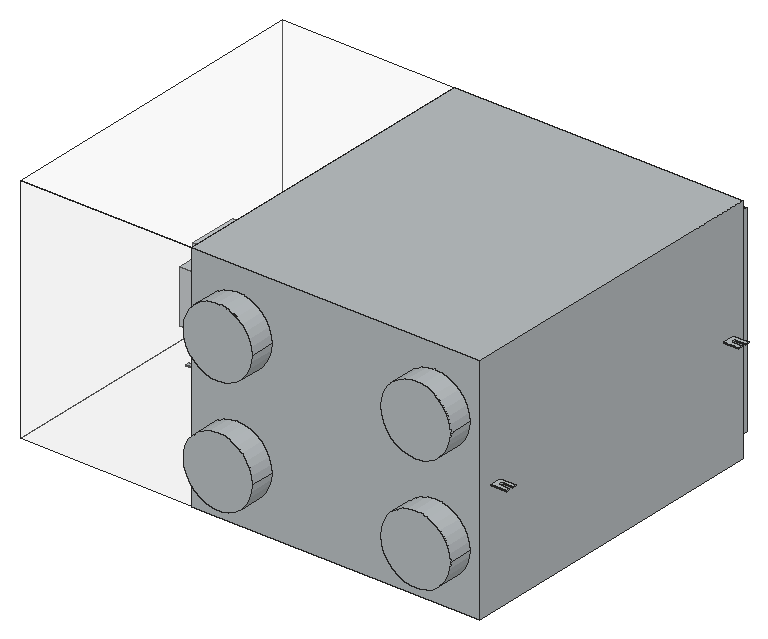
Revit family "lgh-n150_200rxv2d-c_50Hz", category 機械設備, Revit 2019
Family settings
  丸型コネクタ寸法 = 直径を使用
  パーツ タイプ = 標準
  OmniClass 番号 = 23.75.10.34.21
  OmniClass タイトル = Heat Exchangers for Ventilation Air
  作業面ベース = いいえ
  常に垂直 = はい
  ロード時にボイドで切り取り = いいえ
  共有 = いいえ
  部屋計算ポイント = はい
Parameters (values of type "LGH-N150RXV2D-C")
  騒音レベル(dB(A)) = 38.5
  風量 = 1500.0 m³/h
  面風速 = 8.5 m/s
  電源種別 [instance] = "一般"
  電圧 = 200 V
  電動機出力 = 0 W
  集中コントローラ = ""
  運転質量 = 0.00 kg
  連動 [instance] = ""
  質量 = if(製品質量 > 運転質量, 製品質量, 運転質量) * 1.2  # 128.40 kg
  負荷分類 = 3_ファン類
  説明 = "業務用ロスナイ 天井埋込形 DCマイコン CO2センサー付"
  設計風量 = 0.0 m³/h
  設置方法 = "天井吊(隠ぺい)形"
  記号 [instance] = ""
  製造元 = "三菱電機株式会社"
  製品質量 = 107.00 kg
  製品出荷対象 = "国内"
  製品リリース年月 = "2023/5/15"
  製品グループ = ""
  系統 [instance] = ""
  符号 = "HEU"
  積算_科目 = "1 空気調和設備"
  積算_拾い区分 [instance] = ""
  相 = 1
  盤記号 [instance] = ""
  発停方法 [instance] = ""
  特殊仕様 [instance] = ""
  点検口高さ = -Height  # -808 mm
  点検口離隔 = 150 mm
  点検口_Depth = 450 mm
  点検口 = yes
  火災停止 [instance] = ""
  温度交換効率 = 74.00%
  消費電力 = 900 W
  法定耐用年数 = "15"
  機外静圧_排気 = 275.0 Pa
  機外静圧 = 275.0 Pa
  極数 = 3
  材質 [instance] = ""
  本体マテリアル = 溶融亜鉛めっき鋼板
  操作・制御方式 = ""
  操作・制御スイッチ = ""
  排気量 = 0.0 m³/h
  形式 = "天井埋込ダクト形"
  幹線記号 [instance] = ""
  対象室 [instance] = ""
  実風量 = 0.0 m³/h
  始動方式 [instance] = "直入"
  天吊金具_径 = 15 mm
  天吊金具_幅 = 30 mm
  外気量 = 0.0 m³/h
  呼称 = "全熱交換ユニット"
  周波数 = 50 Hz
  天吊金具ピッチ2 = 1015 mm
  天吊金具ピッチ1 = 1057 mm
  天吊金具_高さ = 404 mm
  参照している仕様書等のバージョン = ""
  初期抵抗 = 0.0 Pa
  分類コード = "50052504100070"
  分類グループ = ""
  価格 = 1755000
  企業コード = "108420"
  付属品_フィルター_還気 = ""
  付属品_フィルター = ""
  付属品 [instance] = ""
  仕様書バージョン = "Version1.0"
  モデル = "LGH-N150RXV2D-C"
  メンテナンススペース = yes
  ダクト高 = 700 mm
  ダクト径 = 250 mm
  ダクト幅 = 270 mm
  コメント [instance] = ""
  Keynote = ""
  エンタルピ交換効率_暖房 = 76.00%
  エンタルピ交換効率_冷房 = 66.00%
  Assembly Code = ""
  Width = 1004 mm
  Version = ""
  Uniclass2015Version = "Systems v1.9"
  Uniclass2015Title = "Thermal wheels"
  Uniclass2015Code = "Pr_60_60_36_88"
  URL = "https://www.mitsubishielectric.co.jp/ldg/wink/qr/002/324425/"
  SpecificationReference = ""
  SpecificationDescription = ""
  Sensor_Width = 184 mm
  Sensor_D = 176 mm
  Sensor_Height = 183 mm
  Sensor_H = 201 mm
  Sensor_Depth = 115 mm
  SMAX風量 = 1500.0 m³/h
  SMAX静圧 = 275.0 Pa
  SAサイズ_D = 242 mm
  Revision = ""
  RAサイズ_D = 242 mm
  ProductInformation = ""
  OmniClassCode = "23-27 23 19 11"
  OAサイズ_W = 270 mm
  OAサイズ_D = 700 mm
  MIN風量 = 660.0 m³/h
  MIN静圧 = 47.0 Pa
  MID風量 = 1080.0 m³/h
  MID静圧 = 127.0 Pa
  MAX風量 = 1500.0 m³/h
  MAX静圧 = 245.0 Pa
  IfcTypeProduct = ""
  IfcProduct = ""
  IfcExportType = "ROTARYWHEEL"
  IfcExportAs = "IfcAirToAirHeatRecoveryType"
  Height = 808 mm
  EAサイズ_W = 270 mm
  EAサイズ_D = 700 mm
  Duct_Pitch = 690 mm
  Duct_Height = 202 mm
  Duct_Depth_SA_RA = 84 mm
  Duct_Depth_OA_EA = 49 mm
  Depth = 1144 mm
  Clearance Top = 0 mm
  Clearance Left = 600 mm
  Clearance Bottom = 0 mm
  Box_Width = 115 mm
  Box_Height = 669 mm
  Box_H = 88 mm
  Box_Depth = 175 mm
  Box_D = 145 mm
  Author = "三菱電機株式会社"
Types (2, lengths in mm): name | 騒音レベル(dB(A)) | 風量 | 面風速 | 質量 | 製品質量 | 温度交換効率 | 消費電力 | 機外静圧_排気 | 機外静圧 | 天吊金具ピッチ1 | 価格 | モデル | エンタルピ交換効率_暖房 | エンタルピ交換効率_冷房 | Width | URL | SMAX風量 | SMAX静圧 | MIN風量 | MIN静圧 | MID風量 | MID静圧 | MAX風量 | MAX静圧 | Duct_Pitch
  LGH-N150RXV2D-C | 38.5 | 1500.0 m³/h | 8.5 m/s | 128.40 kg | 107.00 kg | 74.00% | 900 W | 275.0 Pa | 275.0 Pa | 1057 | 1755000 | "LGH-N150RXV2D-C" | 76.00% | 66.00% | 1004 | "https://www.mitsubishielectric.co.jp/ldg/wink/qr/002/324425/" | 1500.0 m³/h | 275.0 Pa | 660.0 m³/h | 47.0 Pa | 1080.0 m³/h | 127.0 Pa | 1500.0 m³/h | 245.0 Pa | 690
  LGH-N200RXV2D-C | 41 | 2000.0 m³/h | 11.3 m/s | 140.40 kg | 117.00 kg | 73.00% | 1160 W | 225.0 Pa | 225.0 Pa | 1284 | 1951000 | "LGH-N200RXV2D-C" | 75.00% | 65.00% | 1231 | "https://www.mitsubishielectric.co.jp/ldg/wink/qr/002/324427/" | 2000.0 m³/h | 225.0 Pa | 880.0 m³/h | 32.0 Pa | 1440.0 m³/h | 86.0 Pa | 2000.0 m³/h | 165.0 Pa | 917
Reference planes
  plane 1 "中心(正面/背面)": y = 0
  plane 2: z = 0
  plane 3 "中心(左/右)": x = 0
  plane 4: x = -502
  plane 5: x = 502
  plane 6: y = 572
  plane 7: y = -572
  plane 8: z = -808
  plane 9: z = -202
  plane 10: x = -345
  plane 11: x = 345
  plane 12: y = -656
  plane 13: y = 621
  plane 14: x = -586
  plane 15: x = 586
  plane 16: x = -1102
  plane 17: y = -427
  plane 18: y = -252
  plane 19: z = -88
  plane 20: z = -757
  plane 21: x = -617
  plane 22: x = -652
  plane 23: y = 225
  plane 24: x = -528.5
  plane 25: x = 528.5
  plane 26: y = 507.5
  plane 27: y = -507.5
  plane 28: y = -225
  plane 29: x = -558.5
  plane 30: y = 527.5
  plane 31: y = 487.5
  plane 32: y = -487.5
  plane 33: y = -527.5
  plane 34: z = -5
  plane 35: z = -404
  plane 36: z = -407
  plane 37: x = 558.5
  plane 38: z = -404
  plane 39: x = 480
  plane 40: x = 210
  plane 41: x = -480
  plane 42: x = -210
  plane 43: z = -54
  plane 44: z = -754
  plane 45: z = -54
  plane 46: z = -754
  plane 47: z = -606
  plane 48: y = -396
  plane 49: y = -281
  plane 50: z = -201
  plane 51: z = -384
  plane 52: x = -686
  plane 53: z = 0
  plane 54: z = -808
Forms (mm)
  Extrusion 1, solid, material "溶融亜鉛めっき鋼板" <- "本体マテリアル", detail levels fine
    sketch origin (0, 0, 0) x (1, 0, 0) y (0, 1, 0)
      loop
        line (-502, 572) -> (-502, -572) -> (502, -572) -> (502, 572) -> (-502, 572)
    from 0 to -808
  Extrusion 2, solid, material "溶融亜鉛めっき鋼板" <- "本体マテリアル", detail levels fine
    sketch origin (502, -572, 0) x (-1, 0, 0) y (0, 0, -1)
      loop
        circle (847, 202) r 121
    from 0 to 84
  Extrusion 3, solid, material "溶融亜鉛めっき鋼板" <- "本体マテリアル", detail levels fine
    sketch origin (510, -445, 0) x (-1, 0, 0) y (0, 0, -1)
      loop
        circle (165, 202) r 121
    from 127 to 211
  Extrusion 4, solid, material "溶融亜鉛めっき鋼板" <- "本体マテリアル", detail levels fine
    sketch origin (-502, -572, 0) x (0, 1, 0) y (0, 0, -1)
      loop
        line (320, 88) -> (320, 757) -> (145, 757) -> (145, 88) -> (320, 88)
    from 0 to 115
  Extrusion 5, solid, material "溶融亜鉛めっき鋼板" <- "本体マテリアル", detail levels fine
    sketch origin (0, 0, 0) x (1, 0, 0) y (0, 1, 0)
      loop
        line (-558.5, 527.5) -> (-558.5, 515) -> (-528.5, 515)
        arc (-528.5, 515) -> (-521, 507.5) -> (-528.5, 500) r 7.5
        line (-528.5, 500) -> (-558.5, 500) -> (-558.5, 487.5) -> (-502, 487.5) -> (-502, 527.5) -> (-558.5, 527.5)
    from -404 to -407
  Extrusion 6, solid, material "溶融亜鉛めっき鋼板" <- "本体マテリアル", detail levels fine
    sketch origin (0, 0, 0) x (1, 0, 0) y (0, 1, 0)
      loop
        line (-558.5, -527.5) -> (-502, -527.5) -> (-502, -487.5) -> (-558.5, -487.5) -> (-558.5, -500) -> (-528.5, -500)
        arc (-528.5, -500) -> (-521, -507.5) -> (-528.5, -515) r 7.5
        line (-528.5, -515) -> (-558.5, -515) -> (-558.5, -527.5)
    from -404 to -407
  Extrusion 7, solid, material "溶融亜鉛めっき鋼板" <- "本体マテリアル", detail levels fine
    sketch origin (0, 0, 0) x (-1, 0, 0) y (0, -1, 0)
      loop
        line (-558.5, 527.5) -> (-558.5, 515) -> (-528.5, 515)
        arc (-528.5, 515) -> (-521, 507.5) -> (-528.5, 500) r 7.5
        line (-528.5, 500) -> (-558.5, 500) -> (-558.5, 487.5) -> (-502, 487.5) -> (-502, 527.5) -> (-558.5, 527.5)
    from -404 to -407
  Extrusion 8, solid, material "溶融亜鉛めっき鋼板" <- "本体マテリアル", detail levels fine
    sketch origin (0, 0, 0) x (-1, 0, 0) y (0, -1, 0)
      loop
        line (-558.5, -527.5) -> (-502, -527.5) -> (-502, -487.5) -> (-558.5, -487.5) -> (-558.5, -500) -> (-528.5, -500)
        arc (-528.5, -500) -> (-521, -507.5) -> (-528.5, -515) r 7.5
        line (-528.5, -515) -> (-558.5, -515) -> (-558.5, -527.5)
    from -404 to -407
  Extrusion 9, solid, material "溶融亜鉛めっき鋼板" <- "本体マテリアル", detail levels fine
    sketch origin (0, 0, 0) x (1, 0, 0) y (0, 0, 1)
      loop
        circle (-345, -606) r 121
    from 572 to 656
  Extrusion 10, solid, material "溶融亜鉛めっき鋼板" <- "本体マテリアル", detail levels fine
    sketch origin (0, 0, 0) x (1, 0, 0) y (0, 0, 1)
      loop
        circle (345, -606) r 121
    from 572 to 656
  Extrusion 11, solid, material "溶融亜鉛めっき鋼板" <- "本体マテリアル", detail levels fine
    sketch origin (0, 0, 0) x (1, 0, 0) y (0, 0, 1)
      loop
        line (480, -754) -> (480, -54) -> (210, -54) -> (210, -754) -> (480, -754)
    from -621 to -572
  Extrusion 12, solid, material "溶融亜鉛めっき鋼板" <- "本体マテリアル", detail levels fine
    sketch origin (0, 0, 0) x (1, 0, 0) y (0, 0, 1)
      loop
        line (-480, -754) -> (-210, -754) -> (-210, -54) -> (-480, -54) -> (-480, -754)
    from -621 to -572
  Extrusion 13, solid, material "溶融亜鉛めっき鋼板" <- "本体マテリアル", detail levels fine
    sketch origin (0, 0, 0) x (0, 1, 0) y (0, 0, 1)
      loop
        line (-281, -201) -> (-396, -201) -> (-396, -384) -> (-281, -384) -> (-281, -201)
    from -686 to -617
Lines and regions (mm)
  Masking region 1, detail levels coarse+medium
    outline origin (1326.5, 29, 0) x (1, 0, 0) y (0, 1, 0)
      loop
        line (-1828.5, 543) -> (-1828.5, -601) -> (-824.5, -601) -> (-824.5, 543) -> (-1828.5, 543)
  symbolic lines, detail levels coarse+medium
    curve 1: line (0, 572, 0) -> (-502, 0, 0)
    curve 2: line (-502, 0, 0) -> (0, -572, 0)
    curve 3: line (0, -572, 0) -> (502, 0, 0)
    curve 4: line (502, 0, 0) -> (0, 572, 0)
Dimensions and locks
  equal spacing: plane 4, plane 3 "中心(左/右)", plane 5
  "Width": plane 4 to plane 5
  equal spacing: plane 6, plane 1 "中心(正面/背面)", plane 7
  "Depth": plane 6 to plane 7
  "Height": level to plane 8
  "Duct_Height": level to plane 9
  equal spacing: plane 11, plane 3 "中心(左/右)", plane 10
  "Duct_Pitch": plane 11 to plane 10
  "Duct_Depth_OA_EA": plane 13 to plane 6
  "Duct_Depth_SA_RA": plane 7 to plane 12
  "Duct_Depth_SA_RA": plane 5 to plane 15
  "Duct_Depth_SA_RA": plane 14 to plane 4
  "Clearance Left": plane 16 to plane 4
  "Box_H": level to plane 19
  "Box_Height": plane 19 to plane 20
  "Box_D": plane 17 to plane 7
  "Box_Depth": plane 18 to plane 17
  "Box_Width": plane 21 to plane 4
  "点検口離隔": plane 22 to plane 4
  equal spacing: plane 24, plane 3 "中心(左/右)", plane 25
  "天吊金具ピッチ1": plane 24 to plane 25
  equal spacing: plane 26, plane 1 "中心(正面/背面)", plane 27
  "天吊金具ピッチ2": plane 26 to plane 27
  equal spacing: plane 23, plane 1 "中心(正面/背面)", plane 28
  "点検口_Depth": plane 23 to plane 28
  equal spacing: plane 30, plane 26, plane 31
  locked: plane 30 to plane 31 at 40
  "天吊金具_幅": plane 29 to plane 24
  "天吊金具_高さ": level to plane 35
  locked: plane 35 to plane 36 at 3
  equal spacing: plane 32, plane 27, plane 33
  locked: plane 32 to plane 33 at 40
  "天吊金具_幅": plane 25 to plane 37
  equal spacing: plane 8, plane 38, level
  equal spacing: plane 40, plane 11, plane 39
  "EAサイズ_W": plane 40 to plane 39
  equal spacing: plane 42, plane 10, plane 41
  "OAサイズ_W": plane 42 to plane 41
  equal spacing: plane 44, plane 38, plane 43
  "EAサイズ_D": plane 44 to plane 43
  "OAサイズ_D": plane 46 to plane 45
  equal spacing: plane 46, plane 38, plane 45
  "Duct_Height": plane 38 to plane 47
  "Sensor_D": plane 48 to plane 7
  "Sensor_Depth": plane 49 to plane 48
  "Sensor_H": level to plane 50
  "Sensor_Height": plane 50 to plane 51
  "Sensor_Width": plane 52 to plane 4
  "Clearance Bottom": plane 8 to plane 54
  "Clearance Top": plane 53 to level
  "RAサイズ_D": diameter of Extrusion 3 sketch curve
  "SAサイズ_D": diameter of Extrusion 9 sketch curve
  "RAサイズ_D": diameter of Extrusion 10 sketch curve
  "SAサイズ_D": diameter of Extrusion 2 sketch curve
  "天吊金具_径": diameter of Extrusion 6 sketch curve
  "天吊金具_径": diameter of Extrusion 5 sketch curve
  "天吊金具_径": diameter of Extrusion 8 sketch curve
  "天吊金具_径": diameter of Extrusion 7 sketch curve
  aligned and locked: level to plane 2
  aligned and locked: Extrusion 1 to plane 8
  aligned and locked: Extrusion 2 to plane 12
  aligned and locked: plane 7 to Extrusion 2
  aligned and locked: plane 7 to Extrusion 3
  aligned and locked: Extrusion 3 to plane 12
  aligned and locked: plane 16 to nested 1
  aligned and locked: plane 4 to nested 1
  aligned and locked: nested 1 to plane 6
  aligned and locked: nested 1 to plane 7
  aligned and locked: Extrusion 4 to plane 21
  aligned and locked: plane 4 to Extrusion 4
  aligned and locked: Masking region 1 to plane 4
  aligned and locked: plane 5 to Masking region 1
  aligned and locked: plane 6 to Masking region 1
  aligned and locked: Masking region 1 to plane 7
  aligned and locked: plane 25 to nested 2
  aligned and locked: plane 24 to nested 2
  aligned and locked: nested 2 to plane 27
  aligned and locked: plane 26 to nested 2
  aligned and locked: Extrusion 4 to plane 18
  aligned and locked: Extrusion 4 to plane 20
  aligned and locked: plane 19 to Extrusion 4
  aligned and locked: Extrusion 4 to plane 17
  aligned and locked: plane 22 to nested 3
  aligned and locked: plane 16 to nested 3
  aligned and locked: plane 23 to nested 3
  aligned and locked: nested 3 to plane 28
  aligned and locked: plane 29 to Extrusion 5 sketch curve  (x2)
  aligned and locked: Extrusion 5 sketch curve to plane 4
  aligned and locked: plane 31 to Extrusion 5 sketch curve
  aligned and locked: Extrusion 5 sketch curve to plane 30
  aligned and locked: Extrusion 5 to plane 35
  aligned and locked: Extrusion 5 to plane 36
  aligned and locked: Extrusion 6 sketch curve to plane 29  (x2)
  aligned and locked: plane 32 to Extrusion 6 sketch curve
  aligned and locked: Extrusion 6 sketch curve to plane 33
  aligned and locked: plane 4 to Extrusion 6 sketch curve
  aligned and locked: plane 35 to Extrusion 6
  aligned and locked: Extrusion 6 to plane 36
  aligned and locked: plane 37 to Extrusion 7 sketch curve  (x2)
  aligned and locked: Extrusion 7 sketch curve to plane 32
  aligned and locked: plane 33 to Extrusion 7 sketch curve
  aligned and locked: plane 5 to Extrusion 7 sketch curve
  aligned and locked: Extrusion 7 to plane 36
  aligned and locked: plane 35 to Extrusion 7
  aligned and locked: Extrusion 8 sketch curve to plane 37  (x2)
  aligned and locked: Extrusion 8 sketch curve to plane 31
  aligned and locked: plane 30 to Extrusion 8 sketch curve
  aligned and locked: Extrusion 8 sketch curve to plane 5
  aligned and locked: plane 35 to Extrusion 8
  aligned and locked: Extrusion 8 to plane 36
  aligned and locked: Extrusion 9 to plane 12
  aligned and locked: plane 7 to Extrusion 9
  aligned and locked: Extrusion 10 to plane 12
  aligned and locked: plane 7 to Extrusion 10
  aligned and locked: plane 44 to Extrusion 11 sketch curve
  aligned and locked: plane 39 to Extrusion 11 sketch curve
  aligned and locked: Extrusion 11 sketch curve to plane 43
  aligned and locked: Extrusion 11 sketch curve to plane 40
  aligned and locked: Extrusion 12 sketch curve to plane 46
  aligned and locked: Extrusion 12 sketch curve to plane 41
  aligned and locked: plane 45 to Extrusion 12 sketch curve
  aligned and locked: plane 42 to Extrusion 12 sketch curve
  aligned and locked: plane 13 to Extrusion 12
  aligned and locked: Extrusion 12 to plane 6
  aligned and locked: plane 13 to Extrusion 11
  aligned and locked: Extrusion 11 to plane 6
  aligned and locked: plane 50 to Extrusion 13 sketch curve
  aligned and locked: Extrusion 13 sketch curve to plane 49
  aligned and locked: Extrusion 13 sketch curve to plane 51
  aligned and locked: plane 48 to Extrusion 13 sketch curve
  aligned and locked: Extrusion 13 to Extrusion 4
  aligned and locked: plane 52 to Extrusion 13
  aligned and locked: plane 53 to nested 1
  aligned and locked: plane 54 to nested 1
Automatic sketch dimensions
  plane 1 "中心(正面/背面)" to curve 1 = 0 mm
  curve 1 to plane 4 = 0 mm
  curve 2 to plane 3 "中心(左/右)" = 0 mm
  curve 4 to plane 3 "中心(左/右)" = 0 mm
  plane 1 "中心(正面/背面)" to curve 4 = 0 mm
  curve 4 to plane 5 = 0 mm
  curve 2 to plane 7 = 0 mm
  curve 4 to plane 6 = 0 mm
  Extrusion 1 sketch curve to plane 4 = 0 mm
  Extrusion 1 sketch curve to plane 5 = 0 mm
  Extrusion 1 sketch curve to plane 7 = 0 mm
  Extrusion 1 sketch curve to plane 6 = 0 mm
  Extrusion 3 sketch curve to plane 9 = 0 mm
  Extrusion 3 sketch curve to plane 11 = 0 mm
  Extrusion 4 sketch curve to Extrusion 1 = 145 mm
  Extrusion 1 to Extrusion 4 sketch curve = 51 mm
  Extrusion 4 sketch curve to Extrusion 4 sketch curve = 175 mm
  Extrusion 1 to Extrusion 4 sketch curve = 88 mm
  Masking region 1 sketch curve to plane 4 = 0 mm
  Masking region 1 sketch curve to plane 5 = 0 mm
  Masking region 1 sketch curve to plane 7 = 0 mm
  Masking region 1 sketch curve to plane 6 = 0 mm
  Extrusion 9 sketch curve to plane 10 = 0 mm
  Extrusion 9 sketch curve to plane 47 = 0 mm
  Extrusion 10 sketch curve to plane 11 = 0 mm
  Extrusion 10 sketch curve to plane 47 = 0 mm
  Extrusion 1 to Extrusion 2 sketch curve = 157 mm
  Extrusion 1 to Extrusion 2 sketch curve = 202 mm
  Extrusion 5 sketch curve to plane 24 = 0 mm
  Extrusion 5 sketch curve to plane 26 = 0 mm
  Extrusion 6 sketch curve to plane 24 = 0 mm
  Extrusion 6 sketch curve to plane 27 = 0 mm
  Extrusion 7 sketch curve to plane 25 = 0 mm
  Extrusion 7 sketch curve to plane 27 = 0 mm
  Extrusion 8 sketch curve to plane 25 = 0 mm
  Extrusion 8 sketch curve to plane 26 = 0 mm
Nested families
  nested 1: "メンテナンススペース" at (-802, 0, -404), visible <- "メンテナンススペース", type "メンテナンススペース"
    with Width 600 mm, Height 808 mm, Depth 1144 mm
  nested 2: "固定点" at (-528.5, -507.5, 0), type "固定点"
    with W 1057 mm, D 1015 mm
  nested 3: "点検口設置範囲" at (-877, 0, -808), built-in parameter 1001364 <- "点検口高さ", visible <- "点検口", type "点検口設置範囲"
    with Width 450 mm, Depth 450 mm
Connectors
  hvac at (-345, -656, -202), driven by "ダクト径", driven by "機外静圧", driven by "風量"
    settings: on Extrusion 2, index 1, duct flow 1500.0 m³/h, flow factor 0, pres drop 275.0 Pa, loss coef 0, conn angle 0.00°, conn width 304.8 mm, conn height 304.8 mm, conn diameter 250 mm, duct sys type 1, conn prof type 0, flow config 0, flow direction 2, loss method 4, conn ref index -1, conn util no, is conn primary yes, conn desc ""
  hvac at (345, -656, -202), driven by "ダクト径", driven by "機外静圧", driven by "風量"
    settings: on Extrusion 3, index 2, duct flow 1500.0 m³/h, flow factor 0, pres drop 275.0 Pa, loss coef 0, conn angle 0.00°, conn width 304.8 mm, conn height 304.8 mm, conn diameter 250 mm, duct sys type 2, conn prof type 0, flow config 0, flow direction 1, loss method 4, conn ref index -1, conn util no, is conn primary no, conn desc ""
  electrical at (-559.5, -427, -422.5), driven by "負荷分類", driven by "極数", driven by "電圧", driven by "消費電力"
    settings: on Extrusion 4, index 7, voltage 200 V, apparent load 900 VA, apparent load phase1 0 VA, apparent load phase2 0 VA, apparent load phase3 0 VA, power factor 1, load classification "3_ファン類", number of poles 3, system type 30, power factor state 1, is connector primary yes, connector utility no, sub classification motor no, connector description ""
  hvac at (-345, -656, -606), driven by "ダクト径", driven by "機外静圧", driven by "風量"
    settings: on Extrusion 9, index 8, duct flow 1500.0 m³/h, flow factor 0, pres drop 275.0 Pa, loss coef 0, conn angle 0.00°, conn width 304.8 mm, conn height 304.8 mm, conn diameter 250 mm, duct sys type 1, conn prof type 0, flow config 0, flow direction 2, loss method 4, conn ref index -1, conn util no, is conn primary no, conn desc ""
  hvac at (345, -656, -606), driven by "ダクト径", driven by "機外静圧", driven by "風量"
    settings: on Extrusion 10, index 9, duct flow 1500.0 m³/h, flow factor 0, pres drop 275.0 Pa, loss coef 0, conn angle 0.00°, conn width 304.8 mm, conn height 304.8 mm, conn diameter 250 mm, duct sys type 2, conn prof type 0, flow config 0, flow direction 1, loss method 4, conn ref index -1, conn util no, is conn primary no, conn desc ""
  hvac at (345, 621, -404), driven by "ダクト高", driven by "ダクト幅", driven by "機外静圧_排気", driven by "排気量"
    settings: on Extrusion 11, index 10, duct flow 0.0 m³/h, flow factor 0, pres drop 275.0 Pa, loss coef 0, conn angle 0.00°, conn width 270 mm, conn height 700 mm, conn diameter 609.6 mm, duct sys type 3, conn prof type 1, flow config 0, flow direction 2, loss method 4, conn ref index -1, conn util no, is conn primary no, conn desc ""
  hvac at (-345, 621, -404), driven by "ダクト幅", driven by "ダクト高", driven by "機外静圧", driven by "風量"
    settings: on Extrusion 12, index 11, duct flow 1500.0 m³/h, flow factor 0, pres drop 275.0 Pa, loss coef 0, conn angle 0.00°, conn width 270 mm, conn height 700 mm, conn diameter 609.6 mm, duct sys type 4, conn prof type 1, flow config 0, flow direction 1, loss method 4, conn ref index -1, conn util no, is conn primary no, conn desc ""
Definition of nested family "メンテナンススペース"
  Parameters (values of type "メンテナンススペース")
    Width [instance] = 500 mm
    Height [instance] = 500 mm
    Depth [instance] = 500 mm
  Reference planes
    plane 1 "中心(正面/背面)": y = 0
    plane 2: z = 0
    plane 3 "中心(左/右)": x = 0
    plane 4: y = -250
    plane 5: x = 250
    plane 6: y = 250
    plane 7: x = -250
    plane 8: z = 250
    plane 9: z = -250
  Forms (mm)
    Extrusion 1, solid
      sketch origin (-638.939, 0, 72.39) x (1, 0, 0) y (0, 1, 0)
        loop
          line (388.939, 250) -> (388.939, -250) -> (888.939, -250) -> (888.939, 250) -> (388.939, 250)
      from -322.39 to 177.61
  Lines and regions (mm)
    symbolic lines
      curve 1: line (-250, 0, 250) -> (250, 0, 250)
      curve 2: line (-250, 0, -250) -> (-250, 0, 250)
      curve 3: line (250, 0, -250) -> (-250, 0, -250)
      curve 4: line (250, 0, 250) -> (250, 0, -250)
      curve 5: line (0, -250, 250) -> (0, 250, 250)
      curve 6: line (0, -250, -250) -> (0, -250, 250)
      curve 7: line (0, 250, -250) -> (0, -250, -250)
      curve 8: line (0, 250, 250) -> (0, 250, -250)
      curve 9: line (-250, 250, 0) -> (250, 250, 0)
      curve 10: line (-250, -250, 0) -> (-250, 250, 0)
      curve 11: line (250, -250, 0) -> (-250, -250, 0)
      curve 12: line (250, 250, 0) -> (250, -250, 0)
  Dimensions and locks
    equal spacing: plane 7, plane 3 "中心(左/右)", plane 5
    equal spacing: plane 4, plane 1 "中心(正面/背面)", plane 6
    "Depth": plane 4 to plane 6
    "Width": plane 7 to plane 5
    equal spacing: plane 8, plane 2, plane 9
    "Height": plane 8 to plane 9
    aligned and locked: plane 9 to curve 3
    aligned and locked: plane 7 to curve 2
    aligned and locked: curve 4 to plane 5
    aligned and locked: plane 5 to Extrusion 1
    aligned and locked: Extrusion 1 to plane 7
    aligned and locked: Extrusion 1 to plane 9
    aligned and locked: plane 8 to Extrusion 1
    aligned and locked: plane 9 to curve 7
  Automatic sketch dimensions
    plane 4 to Extrusion 1 sketch curve = 0 mm
    Extrusion 1 sketch curve to plane 7 = 0 mm
    Extrusion 1 sketch curve to plane 5 = 0 mm
    plane 6 to Extrusion 1 sketch curve = 0 mm
    curve 2 to plane 8 = 0 mm
    plane 4 to curve 11 = 0 mm
    curve 11 to plane 7 = 0 mm
    curve 11 to plane 5 = 0 mm
    plane 6 to curve 10 = 0 mm
    curve 7 to plane 4 = 0 mm
    curve 7 to plane 6 = 0 mm
    curve 6 to plane 8 = 0 mm
Definition of nested family "固定点"
  Parameters (values of type "固定点")
    中心円 = 20 mm
    W [instance] = 1000 mm
    D [instance] = 1000 mm
  Reference planes
    plane 1 "中心(正面/背面)": y = 0
    plane 2: z = 0
    plane 3 "中心(左/右)": x = 0
    plane 4: x = 1000
    plane 5: y = 1000
  Lines and regions (mm)
    symbolic lines, detail levels fine
      curve 1: circle (0, 1000, 0) r 10 normal (0, 0, 1)
      curve 2: circle (0, 0, 0) r 10 normal (0, 0, 1)
      curve 3: circle (1000, 1000, 0) r 10 normal (0, 0, 1)
      curve 4: circle (1000, 0, 0) r 10 normal (0, 0, 1)
      curve 5: line (-200, 1000, 0) -> (1200, 1000, 0)
      curve 6: line (-200, 0, 0) -> (1200, 0, 0)
      curve 7: line (0, 1200, 0) -> (0, -200, 0)
      curve 8: line (1000, 1200, 0) -> (1000, -200, 0)
  Dimensions and locks
    "W": plane 3 "中心(左/右)" to plane 4
    "D": plane 1 "中心(正面/背面)" to plane 5
    "中心円": diameter of curve 1
    "中心円": diameter of curve 2
    "中心円": diameter of curve 3
    "中心円": diameter of curve 4
    aligned and locked: level to plane 2
    aligned and locked: plane 5 to curve 1
    aligned and locked: plane 3 "中心(左/右)" to curve 1
    aligned and locked: plane 3 "中心(左/右)" to curve 2
    aligned and locked: plane 1 "中心(正面/背面)" to curve 2
    aligned and locked: plane 4 to curve 3
    aligned and locked: plane 5 to curve 3
    aligned and locked: plane 1 "中心(正面/背面)" to curve 4
    aligned and locked: plane 4 to curve 4
    aligned and locked: plane 1 "中心(正面/背面)" to curve 6
    aligned and locked: curve 7 to plane 3 "中心(左/右)"
    aligned and locked: curve 8 to plane 4
  Automatic sketch dimensions
    curve 5 to plane 5 = 0 mm
    curve 6 to plane 3 "中心(左/右)" = 200 mm
    curve 5 to plane 3 "中心(左/右)" = 200 mm
    curve 4 to curve 6 = 200 mm
    curve 3 to curve 5 = 200 mm
    plane 1 "中心(正面/背面)" to curve 8 = 200 mm
    plane 1 "中心(正面/背面)" to curve 7 = 200 mm
    curve 3 to curve 8 = 200 mm
    curve 1 to curve 7 = 200 mm
Definition of nested family "点検口設置範囲"
  Parameters (values of type "点検口設置範囲")
    Width [instance] = 1000 mm
    Depth [instance] = 700 mm
  Reference planes
    plane 1 "中心(正面/背面)": y = 0
    plane 2: z = 0
    plane 3 "中心(左/右)": x = 0
    plane 4: x = -500
    plane 5: x = 500
    plane 6: y = -350
    plane 7: y = 350
  Lines and regions (mm)
    model lines
      curve 1: line (-500, 350, 0) -> (500, 350, 0)
      curve 2: line (-500, -350, 0) -> (-500, 350, 0)
      curve 3: line (500, -350, 0) -> (-500, -350, 0)
      curve 4: line (500, 350, 0) -> (500, -350, 0)
  Dimensions and locks
    "Depth": plane 7 to plane 6
    "Width": plane 4 to plane 5
    equal spacing: plane 7, plane 1 "中心(正面/背面)", plane 6
    equal spacing: plane 4, plane 3 "中心(左/右)", plane 5
    aligned and locked: level to plane 2
    aligned and locked: plane 4 to curve 2
    aligned and locked: curve 1 to plane 7
    aligned and locked: curve 4 to plane 5
    aligned and locked: plane 6 to curve 3
